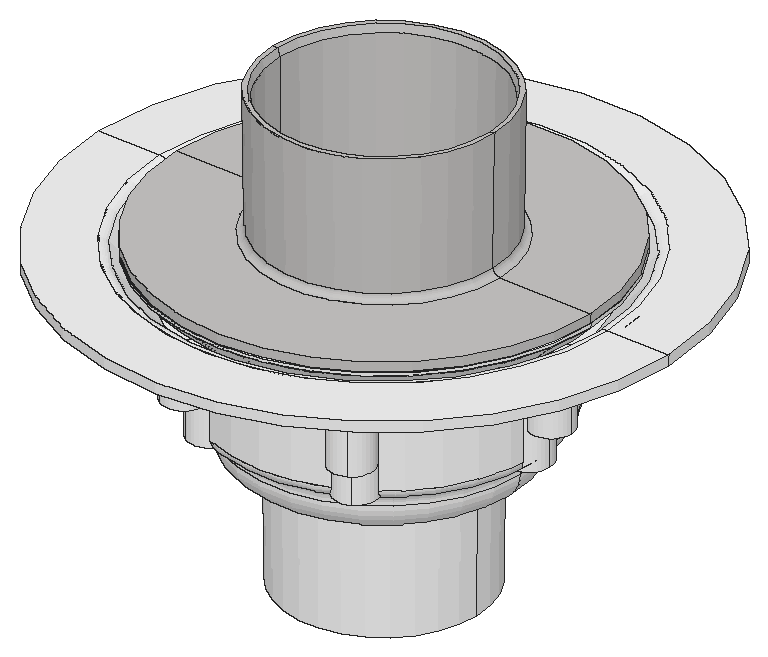
Revit family "3000.117.1 & 118.1 DPJ 80x80 BF", category Plumbing Fixtures, Revit 2019
Family settings
  Round Connector Dimension = Use Diameter
  Part Type = Normal
  OmniClass Number = 23.45.00.00
  Work Plane-Based = No
  Always vertical = Yes
  Cut with Voids When Loaded = No
  Shared = No
  Room Calculation Point = No
Parameters (values of type "DPJ 80x80nv")
  Waste Connection = yes
  Vent Connection = no
  V = not(NV)  # no
  URL = "www.aquaknight.co.nz"
  Phone = "+6498322214"  # constant formula
  NV = yes
  Model = "3000.118.1"
  Manufacturer = "Aquanight Industries Ltd"  # constant formula
  Inlet = 27.5 mm
  HW Connection = no
  Email = "info@aquaknight.co.nz"  # constant formula
  Description = "DownPipe Junction 80x80 non-vented"
  CW Connection = no
Types (2, lengths in mm): name | V | NV | Model | Inlet | Description
  DPJ 80x80v | yes | no | "3000.117.1" | 26 | "DownPipe Junction 80x80 vented"
  DPJ 80x80nv | no | yes | "3000.118.1" | 27.5 | "DownPipe Junction 80x80 non-vented"
Reference planes
  plane 1 "Center (Front/Back)": y = 0
  plane 2: z = 0
  plane 3 "Center (Left/Right)": x = 0
  plane 4: z = -98.932
  plane 5: z = 27.5
Forms (mm)
  Revolve 1, solid, material "Plastic, Glossy White"
    sketch origin (0, 0, -4) x (1, 0, 0) y (0, 0, 1)
      loop
        line (115, 0) -> (115, 4) -> (90.299, 4)
        arc (90.299, 4) -> (88.306, 3.585) -> (86.643, 2.41) r 5
        line (86.643, 2.41) -> (74.57, -10.536) -> (74.57, -12.5) -> (58.75, -12.5) -> (58.418, -50.494)
        arc (58.418, -50.494) -> (53.232, -54.057) -> (51.2, -60.012) r 10
        arc (51.2, -60.012) -> (49.075, -65.373) -> (43.898, -67.912) r 8
        line (43.898, -67.912) -> (39.586, -68.289)
        arc (39.586, -68.289) -> (35.703, -70.193) -> (34.109, -74.213) r 6
        line (34.109, -74.213) -> (33.723, -117.432) -> (37.723, -117.432) -> (38.125, -72.432) -> (44.246, -71.897)
        arc (44.246, -71.897) -> (52.012, -68.088) -> (55.2, -60.047) r 12
        arc (55.2, -60.047) -> (56.482, -56.392) -> (59.73, -54.282) r 6
        arc (59.73, -54.282) -> (61.906, -52.862) -> (62.75, -50.404) r 4
        line (62.75, -50.404) -> (62.75, -19.5) -> (74.07, -19.5)
        arc (74.07, -19.5) -> (76.898, -18.328) -> (78.07, -15.5) r 4
        line (78.07, -15.5) -> (78.07, -13.588)
        arc (78.07, -13.588) -> (78.236, -12.713) -> (78.711, -11.961) r 2.385
        line (78.711, -11.961) -> (89.864, 0) -> (115, 0)
      loop
        line (83.727, 2.845) -> (83.727, 4) -> (75.25, 4) -> (75.25, -0.6) -> (59.25, -0.6) -> (59.25, -5.1) -> (75.5, -5.1) -> (83.727, 2.845)
      axis (0, 4) -> (0, -117.432)
    angle from 0 to 360
  Extrusion 2, solid, material "Plastic, Glossy White", detail levels fine
    sketch origin (0, 0, -4) x (1, 0, 0) y (0, 1, 0)
      loop
        circle (-67.55, 0) r 8.2
      loop
        circle (67.55, 0) r 8.2
      loop
        circle (-33.775, -58.5) r 8.2
      loop
        circle (33.775, 58.5) r 8.2
      loop
        circle (33.775, -58.5) r 8.2
      loop
        circle (-33.775, 58.5) r 8.2
    from -38.379 to -12.5
  Revolve 3, solid, visible <- "V"
    sketch origin (0, 0, 0) x (1, 0, 0) y (0, 0, 1)
      loop
        line (42.154, 48.923) -> (41.499, -1.09) -> (37.989, -4.6) -> (37.989, -8.585) -> (41.975, -4.6) -> (74.875, -4.6) -> (74.875, -0.163) -> (46.383, -0.162)
        arc (46.383, -0.162) -> (44.994, 0.399) -> (44.385, 1.768) r 2
        line (44.385, 1.768) -> (44.204, 6.932) -> (44.793, 51.875) -> (42.986, 51.875) -> (42.154, 48.923)
      axis (0, 51.875) -> (0, -8.585)
    angle from 0 to 360
  Revolve 4, solid, material "Stainless Steel", visible <- "NV"
    sketch origin (0, 0, 0) x (1, 0, 0) y (0, 0, 1)
      loop
        line (-44.78, 55.395) -> (-44.141, 6.57)
        arc (-44.141, 6.57) -> (-44.9, 4.684) -> (-46.776, 3.9) r 2.635
        line (-46.776, 3.9) -> (-83.625, 3.9) -> (-83.625, 0.426) -> (-53.071, 0.038) -> (-42.112, 0.037) -> (-37.989, -4.085) -> (-37.989, 0.864) -> (-41.512, 4.387) -> (-42.14, 52.395) -> (-42.986, 55.395) -> (-44.78, 55.395)
      loop
        line (-75.25, 0.037) -> (-83.656, 0.037) -> (-83.656, -1.232) -> (-76.076, -8.812) -> (-59.25, -8.812) -> (-59.25, -4.6) -> (-75.25, -4.6) -> (-75.25, 0.037)
      axis (0, 55.395) -> (0, -8.812)
    angle from 0 to 360
  Extrusion 5, void
    sketch origin (0, 0, 0) x (1, 0, 0) y (0, 1, 0)
      loop
        line (11.807, 45.158) -> (15.104, 44.164) -> (23.909, 66.216) -> (16.649, 68.403) -> (11.807, 45.158)
      loop
        line (19.469, 42.421) -> (22.544, 40.87) -> (35.044, 61.058) -> (28.274, 64.473) -> (19.469, 42.421)
      loop
        line (26.54, 38.396) -> (29.298, 36.335) -> (45.114, 54.045) -> (39.04, 58.584) -> (26.54, 38.396)
      loop
        line (32.804, 33.204) -> (35.163, 30.695) -> (53.814, 45.39) -> (48.62, 50.914) -> (32.804, 33.204)
      loop
        line (38.071, 27.003) -> (39.959, 24.123) -> (60.878, 35.356) -> (56.723, 41.698) -> (38.071, 27.003)
      loop
        line (42.182, 19.982) -> (43.541, 16.818) -> (66.093, 24.247) -> (63.102, 31.215) -> (42.182, 19.982)
      loop
        line (45.011, 12.354) -> (45.799, 9.001) -> (69.299, 12.402) -> (67.563, 19.783) -> (45.011, 12.354)
      loop
        line (46.472, 4.35) -> (46.667, 0.912) -> (70.4, 0.18) -> (69.972, 7.75) -> (46.472, 4.35)
      loop
        line (46.522, -3.786) -> (46.116, -7.206) -> (69.361, -12.048) -> (70.255, -4.518) -> (46.522, -3.786)
      loop
        line (45.158, -11.807) -> (44.164, -15.104) -> (66.216, -23.909) -> (68.403, -16.649) -> (45.158, -11.807)
      loop
        line (42.421, -19.469) -> (40.87, -22.544) -> (61.058, -35.044) -> (64.473, -28.274) -> (42.421, -19.469)
      loop
        line (38.396, -26.54) -> (36.335, -29.298) -> (54.045, -45.114) -> (58.584, -39.04) -> (38.396, -26.54)
      loop
        line (33.204, -32.804) -> (30.695, -35.163) -> (45.39, -53.814) -> (50.914, -48.62) -> (33.204, -32.804)
      loop
        line (27.003, -38.071) -> (24.123, -39.959) -> (35.356, -60.878) -> (41.698, -56.723) -> (27.003, -38.071)
      loop
        line (19.982, -42.182) -> (16.818, -43.541) -> (24.247, -66.093) -> (31.215, -63.102) -> (19.982, -42.182)
      loop
        line (12.354, -45.011) -> (9.001, -45.799) -> (12.402, -69.299) -> (19.783, -67.563) -> (12.354, -45.011)
      loop
        line (4.35, -46.472) -> (0.912, -46.667) -> (0.18, -70.4) -> (7.75, -69.972) -> (4.35, -46.472)
      loop
        line (-3.786, -46.522) -> (-7.206, -46.116) -> (-12.048, -69.361) -> (-4.518, -70.255) -> (-3.786, -46.522)
      loop
        line (-11.807, -45.158) -> (-15.104, -44.164) -> (-23.909, -66.216) -> (-16.649, -68.403) -> (-11.807, -45.158)
      loop
        line (-19.469, -42.421) -> (-22.544, -40.87) -> (-35.044, -61.058) -> (-28.274, -64.473) -> (-19.469, -42.421)
      loop
        line (-26.54, -38.396) -> (-29.298, -36.335) -> (-45.114, -54.045) -> (-39.04, -58.584) -> (-26.54, -38.396)
      loop
        line (-32.804, -33.204) -> (-35.163, -30.695) -> (-53.814, -45.39) -> (-48.62, -50.914) -> (-32.804, -33.204)
      loop
        line (-38.071, -27.003) -> (-39.959, -24.123) -> (-60.878, -35.356) -> (-56.723, -41.698) -> (-38.071, -27.003)
      loop
        line (-42.182, -19.982) -> (-43.541, -16.818) -> (-66.093, -24.247) -> (-63.102, -31.215) -> (-42.182, -19.982)
      loop
        line (-45.011, -12.354) -> (-45.799, -9.001) -> (-69.299, -12.402) -> (-67.563, -19.783) -> (-45.011, -12.354)
      loop
        line (-46.472, -4.35) -> (-46.667, -0.912) -> (-70.4, -0.18) -> (-69.972, -7.75) -> (-46.472, -4.35)
      loop
        line (-46.522, 3.786) -> (-46.116, 7.206) -> (-69.361, 12.048) -> (-70.255, 4.518) -> (-46.522, 3.786)
      loop
        line (-45.158, 11.807) -> (-44.164, 15.104) -> (-66.216, 23.909) -> (-68.403, 16.649) -> (-45.158, 11.807)
      loop
        line (-42.421, 19.469) -> (-40.87, 22.544) -> (-61.058, 35.044) -> (-64.473, 28.274) -> (-42.421, 19.469)
      loop
        line (-38.396, 26.54) -> (-36.335, 29.298) -> (-54.045, 45.114) -> (-58.584, 39.04) -> (-38.396, 26.54)
      loop
        line (-33.204, 32.804) -> (-30.695, 35.163) -> (-45.39, 53.814) -> (-50.914, 48.62) -> (-33.204, 32.804)
      loop
        line (-27.003, 38.071) -> (-24.123, 39.959) -> (-35.356, 60.878) -> (-41.698, 56.723) -> (-27.003, 38.071)
      loop
        line (-19.982, 42.182) -> (-16.818, 43.541) -> (-24.247, 66.093) -> (-31.215, 63.102) -> (-19.982, 42.182)
      loop
        line (-12.354, 45.011) -> (-9.001, 45.799) -> (-12.402, 69.299) -> (-19.783, 67.563) -> (-12.354, 45.011)
      loop
        line (-4.35, 46.472) -> (-0.912, 46.667) -> (-0.18, 70.4) -> (-7.75, 69.972) -> (-4.35, 46.472)
      loop
        line (3.786, 46.522) -> (7.206, 46.116) -> (12.048, 69.361) -> (4.518, 70.255) -> (3.786, 46.522)
    from -3.851 to 5.895
  Extrusion 6, solid, material "Plastic, Glossy White"
    sketch origin (0, 0, 0) x (1, 0, 0) y (0, 1, 0)
      loop
        circle (-58.802, 0) r 8.195
      loop
        circle (58.802, 0) r 8.195
      loop
        circle (-29.401, 50.924) r 8.195
      loop
        circle (29.401, -50.924) r 8.195
      loop
        circle (29.401, 50.924) r 8.195
      loop
        circle (-29.401, -50.924) r 8.195
    from -16.5 to -57.563
Cuts and joins
  Extrusion 5 cuts Revolve 3
Lines and regions (mm)
  Masking region 1
    outline origin (0, 0, 0) x (1, 0, 0) y (0, 1, 0)
      loop
        circle (0, 0) r 115
  symbolic lines, style "PlumbingFixtures", detail levels fine
    curve 1: circle (-106.957, -0.183, 0) r 4.5 normal (0, 0, -1)
    curve 2: circle (-53.637, 92.536, 0) r 4.5 normal (0, 0, -1)
    curve 3: circle (53.32, 92.719, 0) r 4.5 normal (0, 0, -1)
    curve 4: circle (106.957, 0.183, 0) r 4.5 normal (0, 0, -1)
    curve 5: circle (53.637, -92.536, 0) r 4.5 normal (0, 0, -1)
    curve 6: circle (-53.32, -92.719, 0) r 4.5 normal (0, 0, -1)
  symbolic lines
    curve 7: circle (0, 0, 0) r 40 normal (0, 0, 1)
    curve 10: circle (0, 0, 0) r 83.625 normal (0, 0, 1)
  symbolic lines, visible <- "V"
    curve 8: circle (0, 0, 0) r 46.644 normal (0, 0, 1)
    curve 9: circle (0, 0, 0) r 70.41 normal (0, 0, 1)
Dimensions and locks
  locked: level to plane 4 at 98.932
  locked: connector elem to plane 1 "Center (Front/Back)" at 0
  locked: connector elem to plane 3 "Center (Left/Right)" at 0
  locked: Revolve 4 to level at 55.395
  locked: cut or joined group of Revolve 3, Extrusion 5 to level at 51.875
  "Inlet": plane 5 to level
  locked: connector elem to plane 3 "Center (Left/Right)"
  locked: connector elem to plane 1 "Center (Front/Back)"
  aligned and locked: level to plane 2
Automatic sketch dimensions
  Revolve 1 sketch curve to Revolve 1 sketch curve = 0 mm  (x5)
  Revolve 1 sketch curve to plane 3 "Center (Left/Right)" = 0 mm
  Revolve 1 sketch curve to level = 0 mm  (x2)
  plane 3 "Center (Left/Right)" to Revolve 1 sketch curve = 33.723 mm
  plane 3 "Center (Left/Right)" to Revolve 1 sketch curve = 34.109 mm
  Revolve 1 sketch curve to Revolve 1 sketch curve = 4 mm  (x2)
  Revolve 1 sketch curve to Revolve 1 sketch curve = 4.016 mm
  plane 4 to Revolve 1 sketch curve = 26.643 mm
  Revolve 1 sketch curve to Revolve 1 sketch curve = 1.461 mm
  Revolve 1 sketch curve to Revolve 1 sketch curve = 1.984 mm
  Revolve 1 sketch curve to Revolve 1 sketch curve = 3.615 mm
  plane 4 to Revolve 1 sketch curve = 27.02 mm
  Revolve 1 sketch curve to Revolve 1 sketch curve = 4.312 mm
  plane 4 to Revolve 1 sketch curve = 23.036 mm
  Revolve 1 sketch curve to Revolve 1 sketch curve = 0.349 mm
  Revolve 1 sketch curve to Revolve 1 sketch curve = 15.218 mm
  Revolve 1 sketch curve to level = 16.5 mm
  Revolve 1 sketch curve to Revolve 1 sketch curve = 0.332 mm  (x2)
  Revolve 1 sketch curve to Revolve 1 sketch curve = 0.5 mm  (x2)
  Revolve 1 sketch curve to Revolve 1 sketch curve = 2.781 mm
  Revolve 1 sketch curve to Revolve 1 sketch curve = 11.32 mm
  Revolve 1 sketch curve to Revolve 1 sketch curve = 0.68 mm
  Revolve 1 sketch curve to Revolve 1 sketch curve = 0.25 mm
  Revolve 1 sketch curve to Revolve 1 sketch curve = 3.5 mm
  Revolve 1 sketch curve to level = 15.961 mm
  Revolve 1 sketch curve to Revolve 1 sketch curve = 0.641 mm
  Revolve 1 sketch curve to Revolve 1 sketch curve = 1.744 mm
  Revolve 1 sketch curve to level = 1.155 mm
  Revolve 1 sketch curve to Revolve 1 sketch curve = 8.477 mm
  Revolve 1 sketch curve to level = 1.59 mm
  Revolve 1 sketch curve to Revolve 1 sketch curve = 2.915 mm
  Revolve 1 sketch curve to Revolve 1 sketch curve = 3.222 mm
  Revolve 1 sketch curve to Revolve 1 sketch curve = 3.657 mm
  Revolve 1 sketch curve to level = 4 mm
  Revolve 1 sketch curve to Revolve 1 sketch curve = 24.701 mm
  Revolve 1 sketch curve to Revolve 1 sketch curve = 4.143 mm
  Revolve 1 sketch curve to Revolve 1 sketch curve = 1.781 mm
  Revolve 1 sketch curve to plane 4 = 22.5 mm
  Revolve 1 sketch curve to Revolve 1 sketch curve = 7.812 mm
  Revolve 1 sketch curve to Revolve 1 sketch curve = 7.97 mm
  Revolve 1 sketch curve to Revolve 1 sketch curve = 9.605 mm
  Revolve 1 sketch curve to Revolve 1 sketch curve = 0.09 mm
  Revolve 1 sketch curve to Revolve 1 sketch curve = 7 mm
  Revolve 1 sketch curve to Revolve 1 sketch curve = 1.964 mm
  Revolve 1 sketch curve to Revolve 1 sketch curve = 5.436 mm
  Revolve 1 sketch curve to Revolve 1 sketch curve = 4.5 mm
  Revolve 1 sketch curve to Revolve 1 sketch curve = 301.578 mm
  plane 5 to Revolve 1 sketch curve = 2416.239 mm
  plane 1 "Center (Front/Back)" to Extrusion 2 sketch curve = 0 mm  (x2)
  Extrusion 2 sketch curve to plane 3 "Center (Left/Right)" = 67.55 mm
  Extrusion 2 sketch curve to plane 3 "Center (Left/Right)" = 33.775 mm  (x2)
  plane 3 "Center (Left/Right)" to Extrusion 2 sketch curve = 33.775 mm  (x2)
  plane 3 "Center (Left/Right)" to Extrusion 2 sketch curve = 67.55 mm
  plane 1 "Center (Front/Back)" to Extrusion 2 sketch curve = 58.5 mm  (x2)
  Extrusion 2 sketch curve to plane 1 "Center (Front/Back)" = 58.5 mm  (x2)
  Revolve 3 sketch curve to plane 3 "Center (Left/Right)" = 0 mm
  Revolve 3 sketch curve to level = 4.6 mm  (x2)
  plane 3 "Center (Left/Right)" to Revolve 3 sketch curve = 37.989 mm
  Revolve 3 sketch curve to level = 1.09 mm
  Revolve 3 sketch curve to Revolve 3 sketch curve = 3.51 mm
  Revolve 3 sketch curve to Revolve 3 sketch curve = 0.476 mm
  plane 3 "Center (Left/Right)" to Revolve 3 sketch curve = 42.154 mm
  Revolve 3 sketch curve to Revolve 3 sketch curve = 0.833 mm
  level to Revolve 3 sketch curve = 6.932 mm
  Revolve 3 sketch curve to Revolve 3 sketch curve = 2.705 mm
  level to Revolve 3 sketch curve = 1.768 mm
  Revolve 3 sketch curve to Revolve 3 sketch curve = 2.886 mm
  Revolve 3 sketch curve to Revolve 3 sketch curve = 1.806 mm
  Revolve 3 sketch curve to level = 0.162 mm
  Revolve 3 sketch curve to Revolve 3 sketch curve = 1.999 mm
  Revolve 3 sketch curve to Revolve 3 sketch curve = 28.492 mm
  Revolve 3 sketch curve to Revolve 3 sketch curve = 3.985 mm
  plane 5 to Revolve 3 sketch curve = 21.423 mm
  Revolve 3 sketch curve to Revolve 3 sketch curve = 2.952 mm
  Revolve 3 sketch curve to plane 4 = 320.078 mm
  Revolve 3 sketch curve to Revolve 3 sketch curve = 2393.368 mm
  Revolve 4 sketch curve to plane 3 "Center (Left/Right)" = 0 mm
  Revolve 4 sketch curve to level = 4.085 mm
  Revolve 4 sketch curve to plane 3 "Center (Left/Right)" = 37.989 mm
  level to Revolve 4 sketch curve = 4.387 mm
  Revolve 4 sketch curve to Revolve 4 sketch curve = 3.522 mm
  level to Revolve 4 sketch curve = 0.037 mm  (x2)
  Revolve 4 sketch curve to Revolve 4 sketch curve = 4.123 mm
  Revolve 4 sketch curve to plane 3 "Center (Left/Right)" = 42.14 mm
  Revolve 4 sketch curve to Revolve 4 sketch curve = 0.846 mm
  level to Revolve 4 sketch curve = 6.57 mm
  Revolve 4 sketch curve to Revolve 4 sketch curve = 2.629 mm
  Revolve 4 sketch curve to Revolve 4 sketch curve = 1.793 mm
  Revolve 4 sketch curve to Revolve 4 sketch curve = 2.635 mm
  Revolve 4 sketch curve to Revolve 4 sketch curve = 6.295 mm
  Revolve 4 sketch curve to Revolve 4 sketch curve = 6.179 mm
  Revolve 4 sketch curve to level = 4.6 mm
  Revolve 4 sketch curve to Revolve 4 sketch curve = 16 mm
  Revolve 4 sketch curve to Revolve 4 sketch curve = 0.826 mm
  level to Revolve 4 sketch curve = 3.9 mm
  Revolve 4 sketch curve to Revolve 4 sketch curve = 8.375 mm
  Revolve 4 sketch curve to Revolve 4 sketch curve = 0.031 mm
  Revolve 4 sketch curve to Revolve 4 sketch curve = 4.212 mm
  Revolve 4 sketch curve to level = 1.232 mm
  Revolve 4 sketch curve to Revolve 4 sketch curve = 0.389 mm
  level to Revolve 4 sketch curve = 0.864 mm
  plane 5 to Revolve 4 sketch curve = 24.895 mm
  Revolve 4 sketch curve to Revolve 4 sketch curve = 3 mm
  Revolve 4 sketch curve to plane 4 = 320.078 mm
  Revolve 4 sketch curve to Revolve 4 sketch curve = 2389.848 mm
  plane 1 "Center (Front/Back)" to Extrusion 5 sketch curve = 0.18 mm
  Extrusion 5 sketch curve to plane 3 "Center (Left/Right)" = 70.4 mm
  Extrusion 5 sketch curve to plane 1 "Center (Front/Back)" = 4.518 mm
  Extrusion 5 sketch curve to Extrusion 5 sketch curve = 0.145 mm  (x5)
  plane 1 "Center (Front/Back)" to Extrusion 5 sketch curve = 7.75 mm
  Extrusion 5 sketch curve to Extrusion 5 sketch curve = 0.428 mm
  Extrusion 5 sketch curve to plane 1 "Center (Front/Back)" = 12.048 mm
  Extrusion 5 sketch curve to Extrusion 5 sketch curve = 0.893 mm  (x4)
  plane 1 "Center (Front/Back)" to Extrusion 5 sketch curve = 12.402 mm
  Extrusion 5 sketch curve to Extrusion 5 sketch curve = 0.673 mm  (x8)
  Extrusion 5 sketch curve to plane 1 "Center (Front/Back)" = 16.649 mm
  Extrusion 5 sketch curve to Extrusion 5 sketch curve = 0.958 mm  (x8)
  plane 1 "Center (Front/Back)" to Extrusion 5 sketch curve = 19.783 mm
  Extrusion 5 sketch curve to Extrusion 5 sketch curve = 1.736 mm  (x4)
  Extrusion 5 sketch curve to plane 1 "Center (Front/Back)" = 23.909 mm
  Extrusion 5 sketch curve to Extrusion 5 sketch curve = 2.187 mm  (x4)
  plane 1 "Center (Front/Back)" to Extrusion 5 sketch curve = 24.247 mm
  Extrusion 5 sketch curve to Extrusion 5 sketch curve = 1.471 mm  (x8)
  Extrusion 5 sketch curve to plane 1 "Center (Front/Back)" = 28.274 mm
  Extrusion 5 sketch curve to Extrusion 5 sketch curve = 1.743 mm  (x8)
  plane 1 "Center (Front/Back)" to Extrusion 5 sketch curve = 31.215 mm
  Extrusion 5 sketch curve to Extrusion 5 sketch curve = 2.991 mm  (x4)
  Extrusion 5 sketch curve to Extrusion 5 sketch curve = 3.415 mm  (x4)
  Extrusion 5 sketch curve to Extrusion 5 sketch curve = 2.223 mm  (x8)
  Extrusion 5 sketch curve to Extrusion 5 sketch curve = 2.474 mm  (x8)
  Extrusion 5 sketch curve to Extrusion 5 sketch curve = 4.156 mm  (x4)
  Extrusion 5 sketch curve to Extrusion 5 sketch curve = 4.539 mm  (x4)
  Extrusion 5 sketch curve to Extrusion 5 sketch curve = 2.909 mm  (x8)
  Extrusion 5 sketch curve to Extrusion 5 sketch curve = 3.131 mm  (x8)
  Extrusion 5 sketch curve to Extrusion 5 sketch curve = 5.194 mm  (x4)
  plane 1 "Center (Front/Back)" to Extrusion 5 sketch curve = 0.912 mm
  Extrusion 5 sketch curve to Extrusion 5 sketch curve = 23.733 mm
  Extrusion 5 sketch curve to plane 1 "Center (Front/Back)" = 3.786 mm
  plane 1 "Center (Front/Back)" to Extrusion 5 sketch curve = 4.35 mm
  Extrusion 5 sketch curve to Extrusion 5 sketch curve = 0.194 mm  (x4)
  Extrusion 5 sketch curve to plane 1 "Center (Front/Back)" = 7.206 mm
  Extrusion 5 sketch curve to Extrusion 5 sketch curve = 0.406 mm  (x4)
  plane 1 "Center (Front/Back)" to Extrusion 5 sketch curve = 9.001 mm
  Extrusion 5 sketch curve to Extrusion 5 sketch curve = 5.525 mm  (x4)
  Extrusion 5 sketch curve to plane 1 "Center (Front/Back)" = 11.807 mm
  Extrusion 5 sketch curve to Extrusion 5 sketch curve = 3.505 mm  (x8)
  plane 1 "Center (Front/Back)" to Extrusion 5 sketch curve = 12.354 mm
  Extrusion 5 sketch curve to Extrusion 5 sketch curve = 0.788 mm  (x4)
  Extrusion 5 sketch curve to plane 1 "Center (Front/Back)" = 15.104 mm
  Extrusion 5 sketch curve to Extrusion 5 sketch curve = 0.993 mm  (x4)
  plane 1 "Center (Front/Back)" to Extrusion 5 sketch curve = 16.818 mm
  Extrusion 5 sketch curve to plane 1 "Center (Front/Back)" = 19.469 mm
  plane 1 "Center (Front/Back)" to Extrusion 5 sketch curve = 19.982 mm
  Extrusion 5 sketch curve to Extrusion 5 sketch curve = 1.358 mm  (x4)
  Extrusion 5 sketch curve to Extrusion 5 sketch curve = 3.692 mm  (x8)
  Extrusion 5 sketch curve to Extrusion 5 sketch curve = 1.551 mm  (x4)
  Extrusion 5 sketch curve to Extrusion 5 sketch curve = 6.074 mm  (x4)
  Extrusion 5 sketch curve to Extrusion 5 sketch curve = 1.887 mm  (x4)
  Extrusion 5 sketch curve to Extrusion 5 sketch curve = 2.061 mm  (x4)
  Extrusion 5 sketch curve to Extrusion 5 sketch curve = 6.342 mm  (x4)
  Extrusion 5 sketch curve to Extrusion 5 sketch curve = 3.996 mm  (x7)
  Extrusion 5 sketch curve to Extrusion 5 sketch curve = 2.359 mm  (x4)
  Extrusion 5 sketch curve to Extrusion 5 sketch curve = 4.141 mm  (x7)
  Extrusion 5 sketch curve to Extrusion 5 sketch curve = 2.509 mm  (x4)
  Extrusion 5 sketch curve to Extrusion 5 sketch curve = 6.77 mm  (x4)
  Extrusion 5 sketch curve to Extrusion 5 sketch curve = 2.759 mm  (x4)
  Extrusion 5 sketch curve to Extrusion 5 sketch curve = 6.968 mm  (x2)
  Extrusion 5 sketch curve to Extrusion 5 sketch curve = 2.881 mm  (x4)
  Extrusion 5 sketch curve to Extrusion 5 sketch curve = 4.365 mm  (x4)
  Extrusion 5 sketch curve to Extrusion 5 sketch curve = 4.464 mm  (x4)
  Extrusion 5 sketch curve to Extrusion 5 sketch curve = 3.075 mm  (x4)
  Extrusion 5 sketch curve to Extrusion 5 sketch curve = 3.164 mm  (x2)
  Extrusion 5 sketch curve to Extrusion 5 sketch curve = 7.26 mm  (x2)
  Extrusion 5 sketch curve to Extrusion 5 sketch curve = 7.381 mm  (x2)
  Extrusion 5 sketch curve to Extrusion 5 sketch curve = 4.601 mm  (x4)
  Extrusion 5 sketch curve to Extrusion 5 sketch curve = 3.297 mm  (x2)
  Extrusion 5 sketch curve to Extrusion 5 sketch curve = 3.352 mm  (x2)
  Extrusion 5 sketch curve to Extrusion 5 sketch curve = 4.651 mm  (x3)
  Extrusion 5 sketch curve to plane 3 "Center (Left/Right)" = 4.518 mm
  Extrusion 5 sketch curve to plane 3 "Center (Left/Right)" = 4.35 mm
  Extrusion 5 sketch curve to Extrusion 5 sketch curve = 3.42 mm  (x2)
  Extrusion 5 sketch curve to plane 3 "Center (Left/Right)" = 0.912 mm
  Extrusion 5 sketch curve to plane 3 "Center (Left/Right)" = 0.18 mm
  plane 3 "Center (Left/Right)" to Extrusion 5 sketch curve = 0.18 mm
  plane 3 "Center (Left/Right)" to Extrusion 5 sketch curve = 0.912 mm
  plane 3 "Center (Left/Right)" to Extrusion 5 sketch curve = 3.786 mm
  Extrusion 5 sketch curve to Extrusion 5 sketch curve = 3.438 mm
  plane 3 "Center (Left/Right)" to Extrusion 5 sketch curve = 4.518 mm
  Extrusion 5 sketch curve to Extrusion 5 sketch curve = 7.571 mm
  Extrusion 5 sketch curve to Extrusion 5 sketch curve = 7.53 mm
  Extrusion 5 sketch curve to plane 1 "Center (Front/Back)" = 19.982 mm
  plane 1 "Center (Front/Back)" to Extrusion 5 sketch curve = 19.469 mm
  Extrusion 5 sketch curve to plane 1 "Center (Front/Back)" = 16.818 mm
  plane 1 "Center (Front/Back)" to Extrusion 5 sketch curve = 15.104 mm
  Extrusion 5 sketch curve to plane 1 "Center (Front/Back)" = 12.354 mm
  plane 1 "Center (Front/Back)" to Extrusion 5 sketch curve = 11.807 mm
  Extrusion 5 sketch curve to plane 1 "Center (Front/Back)" = 9.001 mm
  plane 1 "Center (Front/Back)" to Extrusion 5 sketch curve = 7.206 mm
  Extrusion 5 sketch curve to plane 1 "Center (Front/Back)" = 4.35 mm
  plane 1 "Center (Front/Back)" to Extrusion 5 sketch curve = 3.786 mm
  Extrusion 5 sketch curve to plane 1 "Center (Front/Back)" = 0.912 mm
  Extrusion 5 sketch curve to plane 1 "Center (Front/Back)" = 31.215 mm
  plane 1 "Center (Front/Back)" to Extrusion 5 sketch curve = 28.274 mm
  Extrusion 5 sketch curve to plane 1 "Center (Front/Back)" = 24.247 mm
  plane 1 "Center (Front/Back)" to Extrusion 5 sketch curve = 23.909 mm
  Extrusion 5 sketch curve to plane 1 "Center (Front/Back)" = 19.783 mm
  plane 1 "Center (Front/Back)" to Extrusion 5 sketch curve = 16.649 mm
  Extrusion 5 sketch curve to plane 1 "Center (Front/Back)" = 12.402 mm
  plane 1 "Center (Front/Back)" to Extrusion 5 sketch curve = 12.048 mm
  Extrusion 5 sketch curve to plane 1 "Center (Front/Back)" = 7.75 mm
  plane 1 "Center (Front/Back)" to Extrusion 5 sketch curve = 4.518 mm
  Extrusion 5 sketch curve to plane 1 "Center (Front/Back)" = 0.18 mm
  Extrusion 5 sketch curve to Extrusion 5 sketch curve = 13.335 mm
  Extrusion 5 sketch curve to Extrusion 5 sketch curve = 13.222 mm
  plane 1 "Center (Front/Back)" to Extrusion 6 sketch curve = 0 mm  (x2)
  Extrusion 6 sketch curve to plane 3 "Center (Left/Right)" = 58.802 mm
  Extrusion 6 sketch curve to plane 3 "Center (Left/Right)" = 29.401 mm  (x2)
  plane 3 "Center (Left/Right)" to Extrusion 6 sketch curve = 29.401 mm  (x2)
  Extrusion 6 sketch curve to Extrusion 6 sketch curve = 29.401 mm
  plane 1 "Center (Front/Back)" to Extrusion 6 sketch curve = 50.924 mm  (x2)
  Extrusion 6 sketch curve to plane 1 "Center (Front/Back)" = 50.924 mm  (x2)
  curve 7 to curve 8 = 0 mm  (x2)
  curve 7 to curve 9 = 0 mm  (x2)
  curve 7 to curve 10 = 0 mm  (x2)
  curve 8 to curve 9 = 0 mm  (x2)
  curve 8 to curve 10 = 0 mm  (x2)
  curve 9 to curve 10 = 0 mm  (x2)
  plane 1 "Center (Front/Back)" to curve 10 = 0 mm
  curve 9 to plane 3 "Center (Left/Right)" = 0 mm
  plane 1 "Center (Front/Back)" to curve 1 = 0.183 mm
  plane 1 "Center (Front/Back)" to curve 5 = 92.536 mm
  plane 1 "Center (Front/Back)" to curve 6 = 92.719 mm
  curve 4 to plane 1 "Center (Front/Back)" = 0.183 mm
  curve 2 to plane 1 "Center (Front/Back)" = 92.536 mm
  curve 3 to plane 1 "Center (Front/Back)" = 92.719 mm
  plane 3 "Center (Left/Right)" to curve 3 = 53.32 mm
  plane 3 "Center (Left/Right)" to curve 5 = 53.637 mm
  plane 3 "Center (Left/Right)" to curve 4 = 106.957 mm
  curve 6 to plane 3 "Center (Left/Right)" = 53.32 mm
  curve 2 to plane 3 "Center (Left/Right)" = 53.637 mm
  curve 1 to plane 3 "Center (Left/Right)" = 106.957 mm
  plane 1 "Center (Front/Back)" to Masking region 1 sketch curve = 0 mm
  Masking region 1 sketch curve to plane 3 "Center (Left/Right)" = 0 mm
  radius of Extrusion 2 sketch curve = 8.2 mm  (x6)
  radius of Extrusion 6 sketch curve = 8.195 mm  (x6)
  radius of curve 1 = 4.5 mm
  radius of curve 2 = 4.5 mm
  radius of curve 3 = 4.5 mm
  radius of curve 4 = 4.5 mm
  radius of curve 5 = 4.5 mm
  radius of curve 6 = 4.5 mm
  radius of curve 7 = 40 mm
  radius of curve 8 = 46.644 mm
  radius of curve 9 = 70.41 mm
  radius of curve 10 = 83.625 mm
  radius of Masking region 1 sketch curve = 115 mm
Connectors
  piping at (0, 0, -98.932), diameter 80
    settings: on plane 4, index 1, connector inside diameter 609.6 mm, connector length 0 mm, flow factor 0, pipe flow 0.0 L/s, pressure drop 0.0 Pa, fitting loss kfactor 0, connector angle 0.00°, fixture units 0, engagement length 0 mm, angle of deflection 0.00°, flow configuration 0, flow direction 0, fitting loss method 0, system type 28, joint type 0, gender type 0, connector reference index -1, connector utility 0, adjustable connector no, is connector primary yes, connector description ""
  piping at (0, 0, 27.5), diameter 80
    settings: on plane 5, index 2, connector inside diameter 609.6 mm, connector length 0 mm, flow factor 0, pipe flow 0.0 L/s, pressure drop 0.0 Pa, fitting loss kfactor 0, connector angle 0.00°, fixture units 0, engagement length 0 mm, angle of deflection 0.00°, flow configuration 0, flow direction 0, fitting loss method 0, system type 28, joint type 0, gender type 0, connector reference index -1, connector utility 0, adjustable connector no, is connector primary no, connector description ""
